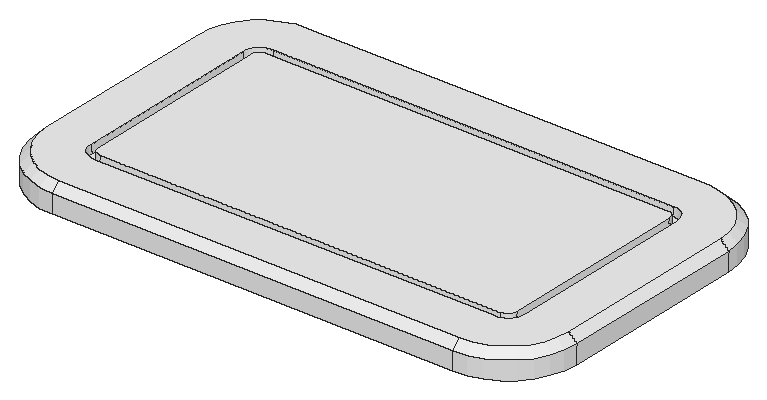
Revit family "ifö Sign Floorstanding WC 6860", category Generic Models, Revit 2015 (continued)
Automatic sketch dimensions
  Masking region 2 sketch curve to Masking region 2 sketch curve = 244.969 mm
  Masking region 2 sketch curve to Masking region 2 sketch curve = 4.061 mm
  Masking region 2 sketch curve to plane 1 "Center (Front/Back)" = 984.99 mm
  Masking region 2 sketch curve to plane 1 "Center (Front/Back)" = 1093.377 mm
  Masking region 2 sketch curve to level = 177.639 mm
  Masking region 2 sketch curve to Masking region 2 sketch curve = 576.433 mm
  Masking region 2 sketch curve to Masking region 2 sketch curve = 659.147 mm
  plane 5 "In" to Masking region 2 sketch curve = 143.264 mm
  Masking region 2 sketch curve to Masking region 2 sketch curve = 288.742 mm
  Masking region 2 sketch curve to plane 1 "Center (Front/Back)" = 2884.528 mm
  plane 5 "In" to Masking region 2 sketch curve = 95.212 mm
  Masking region 2 sketch curve to Masking region 2 sketch curve = 1394.64 mm
  Masking region 2 sketch curve to Masking region 2 sketch curve = 361.076 mm
  Masking region 2 sketch curve to level = 811.121 mm
  Masking region 2 sketch curve to Masking region 2 sketch curve = 57.393 mm
  Masking region 2 sketch curve to level = 981.916 mm
  Masking region 2 sketch curve to Masking region 2 sketch curve = 753.107 mm
  Masking region 2 sketch curve to Masking region 2 sketch curve = 1201.262 mm
  Masking region 2 sketch curve to Masking region 2 sketch curve = 7556.80 mm
  Masking region 2 sketch curve to Masking region 2 sketch curve = 6506.622 mm
  Masking region 2 sketch curve to Masking region 2 sketch curve = 3942.60 mm
  Masking region 2 sketch curve to Masking region 2 sketch curve = 25655.045 mm
  level to Masking region 2 sketch curve = 103.066 mm
  Masking region 2 sketch curve to Masking region 2 sketch curve = 19.613 mm
  Masking region 2 sketch curve to Masking region 2 sketch curve = 2.074 mm
  Masking region 2 sketch curve to Masking region 2 sketch curve = 10.786 mm
  Masking region 2 sketch curve to Masking region 2 sketch curve = 48.849 mm
  Masking region 2 sketch curve to Masking region 2 sketch curve = 35.466 mm
  Masking region 2 sketch curve to plane 5 "In" = 122.041 mm
  Masking region 2 sketch curve to plane 5 "In" = 45.316 mm
  Masking region 2 sketch curve to Masking region 2 sketch curve = 10.392 mm
  Masking region 2 sketch curve to plane 5 "In" = 31.761 mm
  Masking region 2 sketch curve to Masking region 2 sketch curve = 8.593 mm
  plane 5 "In" to Masking region 2 sketch curve = 15.352 mm
  Masking region 2 sketch curve to Masking region 2 sketch curve = 13.358 mm
  Masking region 2 sketch curve to Masking region 2 sketch curve = 25.637 mm
  Masking region 2 sketch curve to Masking region 2 sketch curve = 1.169 mm
  Masking region 2 sketch curve to Masking region 2 sketch curve = 3.423 mm
  Masking region 2 sketch curve to Masking region 2 sketch curve = 5.486 mm
  Masking region 2 sketch curve to Masking region 2 sketch curve = 2.193 mm
  Masking region 2 sketch curve to Masking region 2 sketch curve = 40.997 mm
  Masking region 2 sketch curve to Masking region 2 sketch curve = 2.563 mm
  Masking region 2 sketch curve to Masking region 2 sketch curve = 45.106 mm
  Masking region 2 sketch curve to Masking region 2 sketch curve = 2.413 mm  (x2)
  Masking region 2 sketch curve to Masking region 2 sketch curve = 0.173 mm
  Masking region 2 sketch curve to Masking region 2 sketch curve = 4.102 mm
  Masking region 2 sketch curve to Masking region 2 sketch curve = 0.50 mm
  Masking region 2 sketch curve to Masking region 2 sketch curve = 1.711 mm
  plane 5 "In" to Masking region 2 sketch curve = 68.566 mm
  Masking region 2 sketch curve to Masking region 2 sketch curve = 8.661 mm
  Masking region 2 sketch curve to Masking region 2 sketch curve = 4.685 mm
  Masking region 2 sketch curve to Masking region 2 sketch curve = 0.111 mm
  Masking region 2 sketch curve to Masking region 2 sketch curve = 6.208 mm
  Masking region 2 sketch curve to Masking region 2 sketch curve = 6.417 mm
  Masking region 2 sketch curve to Masking region 2 sketch curve = 3.664 mm
  Masking region 2 sketch curve to Masking region 2 sketch curve = 0.216 mm
  Masking region 2 sketch curve to Masking region 2 sketch curve = 0.805 mm  (x2)
  Masking region 2 sketch curve to Masking region 2 sketch curve = 24.707 mm
  Masking region 2 sketch curve to Masking region 2 sketch curve = 24.862 mm
  Masking region 2 sketch curve to Masking region 2 sketch curve = 7.646 mm
  Masking region 2 sketch curve to Masking region 2 sketch curve = 1.368 mm
  Masking region 2 sketch curve to Masking region 2 sketch curve = 2.223 mm
  Masking region 2 sketch curve to Masking region 2 sketch curve = 0.40 mm
  Masking region 2 sketch curve to Masking region 2 sketch curve = 0.933 mm
  Masking region 2 sketch curve to Masking region 2 sketch curve = 0.917 mm
  Masking region 2 sketch curve to Masking region 2 sketch curve = 4.09 mm
  Masking region 2 sketch curve to Masking region 2 sketch curve = 4.428 mm
  Masking region 2 sketch curve to Masking region 2 sketch curve = 0.409 mm
  Masking region 2 sketch curve to Masking region 2 sketch curve = 0.267 mm
  Masking region 2 sketch curve to Masking region 2 sketch curve = 0.218 mm
  Masking region 2 sketch curve to Masking region 2 sketch curve = 1.068 mm
  Masking region 2 sketch curve to Masking region 2 sketch curve = 1.498 mm
  Masking region 2 sketch curve to Masking region 2 sketch curve = 1.442 mm
  Masking region 2 sketch curve to Masking region 2 sketch curve = 28.145 mm
  Masking region 2 sketch curve to Masking region 2 sketch curve = 5.487 mm
  Masking region 2 sketch curve to Masking region 2 sketch curve = 11.137 mm
  Masking region 2 sketch curve to Masking region 2 sketch curve = 12.303 mm
  Masking region 2 sketch curve to Masking region 2 sketch curve = 2.989 mm
  Masking region 2 sketch curve to Masking region 2 sketch curve = 39.648 mm
  Masking region 2 sketch curve to Masking region 2 sketch curve = 12.717 mm
  Masking region 2 sketch curve to Masking region 2 sketch curve = 12.697 mm
  Masking region 2 sketch curve to Masking region 2 sketch curve = 4.31 mm
  Masking region 2 sketch curve to Masking region 2 sketch curve = 22.27 mm
  Masking region 2 sketch curve to Masking region 2 sketch curve = 19.003 mm
  Masking region 2 sketch curve to Masking region 2 sketch curve = 0.477 mm
  Masking region 2 sketch curve to Masking region 2 sketch curve = 2.765 mm
  Masking region 2 sketch curve to Masking region 2 sketch curve = 37.809 mm
  Masking region 2 sketch curve to Masking region 2 sketch curve = 75.83 mm
  Masking region 2 sketch curve to Masking region 2 sketch curve = 63.992 mm
  Masking region 2 sketch curve to Masking region 2 sketch curve = 10.351 mm
  Masking region 2 sketch curve to Masking region 2 sketch curve = 62.099 mm
  Masking region 2 sketch curve to Masking region 2 sketch curve = 28.779 mm
  Masking region 2 sketch curve to Masking region 2 sketch curve = 40.779 mm
  Masking region 2 sketch curve to Masking region 2 sketch curve = 9.68 mm
  Masking region 2 sketch curve to Masking region 2 sketch curve = 8.74 mm
  Masking region 2 sketch curve to Masking region 2 sketch curve = 51.449 mm
  Masking region 2 sketch curve to Masking region 2 sketch curve = 52.325 mm
  Masking region 2 sketch curve to Masking region 2 sketch curve = 57.325 mm
  Masking region 2 sketch curve to Masking region 2 sketch curve = 117.061 mm
  Masking region 2 sketch curve to Masking region 2 sketch curve = 10.884 mm
  Masking region 2 sketch curve to Masking region 2 sketch curve = 5.512 mm
  Masking region 2 sketch curve to Masking region 2 sketch curve = 29.743 mm
  Masking region 2 sketch curve to Masking region 2 sketch curve = 1.503 mm
  Masking region 2 sketch curve to Masking region 2 sketch curve = 7.653 mm  (x2)
  Masking region 2 sketch curve to Masking region 2 sketch curve = 131.499 mm
  Masking region 2 sketch curve to Masking region 2 sketch curve = 72.739 mm
  Masking region 2 sketch curve to Masking region 2 sketch curve = 17.64 mm
  Masking region 2 sketch curve to Masking region 2 sketch curve = 7.624 mm
  Masking region 2 sketch curve to Masking region 2 sketch curve = 11.169 mm
  Masking region 2 sketch curve to Masking region 2 sketch curve = 23.817 mm
  Masking region 2 sketch curve to Masking region 2 sketch curve = 2.392 mm
  Masking region 2 sketch curve to Masking region 2 sketch curve = 33.972 mm
  Masking region 2 sketch curve to Masking region 2 sketch curve = 1.759 mm
  Masking region 2 sketch curve to Masking region 2 sketch curve = 2.351 mm
  Masking region 2 sketch curve to Masking region 2 sketch curve = 11.729 mm
  Masking region 2 sketch curve to Masking region 2 sketch curve = 4.508 mm
  Masking region 2 sketch curve to Masking region 2 sketch curve = 20.486 mm
  Masking region 2 sketch curve to Masking region 2 sketch curve = 38.422 mm
  Masking region 2 sketch curve to Masking region 2 sketch curve = 2.749 mm
  Masking region 2 sketch curve to Masking region 2 sketch curve = 1.611 mm
  Masking region 2 sketch curve to Masking region 2 sketch curve = 1000.165 mm
  Masking region 2 sketch curve to Masking region 2 sketch curve = 2641.597 mm
  Masking region 2 sketch curve to Masking region 2 sketch curve = 633.015 mm
  Masking region 2 sketch curve to Masking region 2 sketch curve = 1501.186 mm
  Masking region 2 sketch curve to Masking region 2 sketch curve = 959.628 mm
  Masking region 2 sketch curve to Masking region 2 sketch curve = 3.587 mm
  Masking region 2 sketch curve to Masking region 2 sketch curve = 0.86 mm
  Masking region 2 sketch curve to Masking region 2 sketch curve = 2.098 mm
  Masking region 2 sketch curve to Masking region 2 sketch curve = 1.997 mm
  Masking region 2 sketch curve to Masking region 2 sketch curve = 4.381 mm
  Masking region 2 sketch curve to Masking region 2 sketch curve = 0.43 mm
  Masking region 2 sketch curve to Masking region 2 sketch curve = 0.333 mm
  Masking region 2 sketch curve to Masking region 2 sketch curve = 1.221 mm
  Masking region 2 sketch curve to Masking region 2 sketch curve = 6.808 mm
  Masking region 2 sketch curve to Masking region 2 sketch curve = 3.449 mm
  plane 5 "In" to Masking region 2 sketch curve = 9.055 mm
  Masking region 2 sketch curve to Masking region 2 sketch curve = 23.434 mm
  Masking region 2 sketch curve to Masking region 2 sketch curve = 16.655 mm
  Masking region 2 sketch curve to Masking region 2 sketch curve = 18.191 mm
  Masking region 2 sketch curve to Masking region 2 sketch curve = 12.246 mm
  Masking region 2 sketch curve to Masking region 2 sketch curve = 6.977 mm
  Masking region 2 sketch curve to Masking region 2 sketch curve = 15.905 mm
  Masking region 2 sketch curve to Masking region 2 sketch curve = 26.818 mm
  Masking region 2 sketch curve to Masking region 2 sketch curve = 63.649 mm
  Masking region 2 sketch curve to Masking region 2 sketch curve = 4.274 mm
  Masking region 2 sketch curve to Masking region 2 sketch curve = 26.971 mm
  Masking region 2 sketch curve to Masking region 2 sketch curve = 27.326 mm
  Masking region 2 sketch curve to Masking region 2 sketch curve = 11.515 mm
  Masking region 2 sketch curve to Masking region 2 sketch curve = 4.05 mm
  Masking region 2 sketch curve to Masking region 2 sketch curve = 5.646 mm
  Masking region 2 sketch curve to Masking region 2 sketch curve = 4.049 mm
  Masking region 2 sketch curve to Masking region 2 sketch curve = 15.137 mm
  Masking region 2 sketch curve to Masking region 2 sketch curve = 5.993 mm
  Masking region 2 sketch curve to Masking region 2 sketch curve = 1.361 mm
  Masking region 2 sketch curve to Masking region 2 sketch curve = 2.822 mm
  Masking region 2 sketch curve to Masking region 2 sketch curve = 3.231 mm
  Masking region 2 sketch curve to Masking region 2 sketch curve = 27.013 mm
  Masking region 2 sketch curve to Masking region 2 sketch curve = 1.786 mm
  Masking region 2 sketch curve to Masking region 2 sketch curve = 3.826 mm
  Masking region 2 sketch curve to Masking region 2 sketch curve = 1.632 mm
  Masking region 2 sketch curve to Masking region 2 sketch curve = 0.721 mm
  Masking region 2 sketch curve to Masking region 2 sketch curve = 4.765 mm
  Masking region 2 sketch curve to Masking region 2 sketch curve = 1.764 mm
  Masking region 2 sketch curve to Masking region 2 sketch curve = 5.455 mm
  Masking region 2 sketch curve to Masking region 2 sketch curve = 8.697 mm
  Masking region 2 sketch curve to Masking region 2 sketch curve = 0.38 mm
  Masking region 2 sketch curve to Masking region 2 sketch curve = 0.157 mm
  Masking region 2 sketch curve to Masking region 2 sketch curve = 18.465 mm
  Masking region 2 sketch curve to Masking region 2 sketch curve = 5.539 mm
  Masking region 2 sketch curve to Masking region 2 sketch curve = 2.454 mm
  Masking region 2 sketch curve to Masking region 2 sketch curve = 1.476 mm
  Masking region 2 sketch curve to Masking region 2 sketch curve = 4.303 mm
  Masking region 2 sketch curve to Masking region 2 sketch curve = 6.794 mm
  Masking region 2 sketch curve to Masking region 2 sketch curve = 4.548 mm
  Masking region 2 sketch curve to Masking region 2 sketch curve = 5.997 mm
  Masking region 2 sketch curve to Masking region 2 sketch curve = 8.905 mm
  Masking region 2 sketch curve to Masking region 2 sketch curve = 1.354 mm
  Masking region 2 sketch curve to Masking region 2 sketch curve = 3.535 mm
  Masking region 2 sketch curve to Masking region 2 sketch curve = 4.142 mm
  Masking region 2 sketch curve to Masking region 2 sketch curve = 6.218 mm
  Masking region 2 sketch curve to Masking region 2 sketch curve = 2.939 mm
  Masking region 2 sketch curve to Masking region 2 sketch curve = 7.146 mm
  Masking region 2 sketch curve to Masking region 2 sketch curve = 0.024 mm
  Masking region 2 sketch curve to Masking region 2 sketch curve = 1.628 mm
  Masking region 2 sketch curve to plane 5 "In" = 7.507 mm
  Masking region 2 sketch curve to Masking region 2 sketch curve = 3.356 mm
  Masking region 2 sketch curve to Masking region 2 sketch curve = 1.875 mm
  Masking region 2 sketch curve to plane 5 "In" = 0.632 mm
  plane 1 "Center (Front/Back)" to Masking region 2 sketch curve = 12.781 mm
  Masking region 2 sketch curve to Masking region 2 sketch curve = 0.78 mm
  plane 1 "Center (Front/Back)" to Masking region 2 sketch curve = 9.879 mm
  plane 1 "Center (Front/Back)" to Masking region 2 sketch curve = 3.903 mm
  plane 1 "Center (Front/Back)" to Masking region 2 sketch curve = 0.787 mm
  Masking region 3 sketch curve to Masking region 3 sketch curve = 0.00 mm  (x29)
  Masking region 3 sketch curve to level = 0.00 mm
  Masking region 3 sketch curve to plane 3 "Center (Left/Right)" = 0.00 mm
  level to Masking region 3 sketch curve = 27.785 mm  (x2)
  plane 5 "In" to Masking region 3 sketch curve = 12.598 mm  (x2)
  Masking region 3 sketch curve to Masking region 3 sketch curve = 0.162 mm  (x2)
  plane 5 "In" to Masking region 3 sketch curve = 29.621 mm  (x2)
  Masking region 3 sketch curve to Masking region 3 sketch curve = 27.091 mm  (x2)
  Masking region 3 sketch curve to Masking region 3 sketch curve = 1.717 mm  (x2)
  Masking region 3 sketch curve to Masking region 3 sketch curve = 11.436 mm  (x2)
  Masking region 3 sketch curve to Masking region 3 sketch curve = 0.351 mm  (x2)
  Masking region 3 sketch curve to Masking region 3 sketch curve = 11.981 mm  (x2)
  Masking region 3 sketch curve to Masking region 3 sketch curve = 0.494 mm  (x2)
  Masking region 3 sketch curve to Masking region 3 sketch curve = 3.196 mm  (x2)
  Masking region 3 sketch curve to Masking region 3 sketch curve = 1.431 mm  (x2)
  Masking region 3 sketch curve to Masking region 3 sketch curve = 4.194 mm  (x2)
  Masking region 3 sketch curve to Masking region 3 sketch curve = 1.633 mm  (x2)
  Masking region 3 sketch curve to Masking region 3 sketch curve = 0.141 mm  (x2)
  Masking region 3 sketch curve to plane 3 "Center (Left/Right)" = 19.426 mm
  Masking region 3 sketch curve to Masking region 3 sketch curve = 7.207 mm
  plane 3 "Center (Left/Right)" to Masking region 3 sketch curve = 19.426 mm
  Masking region 3 sketch curve to Masking region 3 sketch curve = 1.346 mm  (x2)
  Masking region 3 sketch curve to Masking region 3 sketch curve = 5.22 mm  (x2)
  Masking region 3 sketch curve to Masking region 3 sketch curve = 8.14 mm  (x2)
  Masking region 3 sketch curve to Masking region 3 sketch curve = 1.728 mm  (x2)
  Masking region 3 sketch curve to Masking region 3 sketch curve = 2.152 mm  (x2)
  Masking region 3 sketch curve to Masking region 3 sketch curve = 0.511 mm  (x2)
  Masking region 3 sketch curve to Masking region 3 sketch curve = 0.964 mm  (x2)
  Masking region 3 sketch curve to Masking region 3 sketch curve = 31.357 mm  (x2)
  Masking region 3 sketch curve to Masking region 3 sketch curve = 43.014 mm  (x2)
  Masking region 3 sketch curve to Masking region 3 sketch curve = 2.086 mm  (x2)
  plane 5 "In" to Masking region 3 sketch curve = 151.513 mm  (x2)
  Masking region 3 sketch curve to Masking region 3 sketch curve = 52.25 mm  (x2)
  Masking region 3 sketch curve to plane 3 "Center (Left/Right)" = 40.972 mm
  Masking region 3 sketch curve to Masking region 3 sketch curve = 142.685 mm
  plane 3 "Center (Left/Right)" to Masking region 3 sketch curve = 40.972 mm
  Masking region 3 sketch curve to Masking region 3 sketch curve = 54.78 mm  (x2)
  plane 5 "In" to Masking region 3 sketch curve = 276.677 mm  (x2)
  Masking region 3 sketch curve to Masking region 3 sketch curve = 44.245 mm  (x2)
  Masking region 3 sketch curve to Masking region 3 sketch curve = 81.888 mm  (x2)
  Masking region 3 sketch curve to Masking region 3 sketch curve = 26.471 mm  (x2)
  Masking region 3 sketch curve to Masking region 3 sketch curve = 57.937 mm  (x2)
  Masking region 3 sketch curve to Masking region 3 sketch curve = 14.897 mm  (x2)
  Masking region 3 sketch curve to Masking region 3 sketch curve = 19.129 mm  (x2)
  Masking region 3 sketch curve to Masking region 3 sketch curve = 48.297 mm  (x2)
  Masking region 3 sketch curve to Masking region 3 sketch curve = 72.139 mm  (x2)
  plane 3 "Center (Left/Right)" to Masking region 3 sketch curve = 41.00 mm
  Masking region 3 sketch curve to Masking region 3 sketch curve = 1.837 mm  (x2)
  Masking region 3 sketch curve to plane 3 "Center (Left/Right)" = 41.00 mm
  Masking region 3 sketch curve to Masking region 3 sketch curve = 1.251 mm  (x3)
  Masking region 3 sketch curve to Masking region 3 sketch curve = 54.15 mm  (x2)
  Masking region 3 sketch curve to Masking region 3 sketch curve = 430.009 mm  (x2)
  Masking region 3 sketch curve to plane 3 "Center (Left/Right)" = 0.538 mm
  Masking region 3 sketch curve to Masking region 3 sketch curve = 6315.34 mm
  plane 3 "Center (Left/Right)" to Masking region 3 sketch curve = 0.538 mm
  Masking region 3 sketch curve to level = 0.95 mm  (x2)
  Masking region 3 sketch curve to level = 21.589 mm  (x2)
  Masking region 3 sketch curve to level = 68.796 mm  (x2)
  Masking region 3 sketch curve to level = 180.886 mm  (x2)
  Masking region 3 sketch curve to Masking region 3 sketch curve = 60.934 mm  (x2)
  Masking region 3 sketch curve to level = 474.417 mm
  Masking region 3 sketch curve to level = 573.338 mm  (x2)
  Masking region 3 sketch curve to plane 3 "Center (Left/Right)" = 41.551 mm
  Masking region 3 sketch curve to plane 3 "Center (Left/Right)" = 49.806 mm
  Masking region 3 sketch curve to plane 3 "Center (Left/Right)" = 50.175 mm
  Masking region 3 sketch curve to Masking region 3 sketch curve = 47.716 mm  (x2)
  Masking region 3 sketch curve to Masking region 3 sketch curve = 30.61 mm  (x2)
  Masking region 3 sketch curve to Masking region 3 sketch curve = 59.494 mm  (x2)
  Masking region 3 sketch curve to Masking region 3 sketch curve = 66.99 mm  (x2)
  Masking region 3 sketch curve to Masking region 3 sketch curve = 51.044 mm  (x2)
  Masking region 3 sketch curve to Masking region 3 sketch curve = 37.995 mm  (x2)
  Masking region 3 sketch curve to Masking region 3 sketch curve = 15.027 mm  (x2)
  Masking region 3 sketch curve to Masking region 3 sketch curve = 27.772 mm  (x2)
  Masking region 3 sketch curve to Masking region 3 sketch curve = 7.953 mm  (x2)
  Masking region 3 sketch curve to Masking region 3 sketch curve = 9.15 mm  (x2)
  Masking region 3 sketch curve to Masking region 3 sketch curve = 1.773 mm  (x2)
  Masking region 3 sketch curve to Masking region 3 sketch curve = 3.739 mm  (x2)
  Masking region 3 sketch curve to Masking region 3 sketch curve = 10.397 mm  (x2)
  Masking region 3 sketch curve to Masking region 3 sketch curve = 6.789 mm  (x2)
  Masking region 3 sketch curve to Masking region 3 sketch curve = 3.095 mm  (x2)
  Masking region 3 sketch curve to Masking region 3 sketch curve = 13.93 mm  (x2)
  Masking region 3 sketch curve to Masking region 3 sketch curve = 4.113 mm  (x2)
  Masking region 3 sketch curve to Masking region 3 sketch curve = 0.278 mm  (x2)
  Masking region 3 sketch curve to Masking region 3 sketch curve = 1.325 mm  (x2)
  Masking region 3 sketch curve to Masking region 3 sketch curve = 1.972 mm  (x2)
  Masking region 3 sketch curve to Masking region 3 sketch curve = 0.378 mm  (x2)
  Masking region 3 sketch curve to Masking region 3 sketch curve = 0.673 mm  (x2)
  Masking region 3 sketch curve to Masking region 3 sketch curve = 0.022 mm  (x2)
  Masking region 3 sketch curve to Masking region 3 sketch curve = 74.295 mm  (x2)
  Masking region 3 sketch curve to Masking region 3 sketch curve = 6.766 mm  (x2)
  Masking region 3 sketch curve to Masking region 3 sketch curve = 5.979 mm  (x2)
  Masking region 3 sketch curve to Masking region 3 sketch curve = 4.418 mm  (x2)
  Masking region 3 sketch curve to Masking region 3 sketch curve = 4.397 mm  (x2)
  Masking region 3 sketch curve to Masking region 3 sketch curve = 63.899 mm  (x2)
  Masking region 3 sketch curve to Masking region 3 sketch curve = 183.515 mm  (x2)
  Masking region 3 sketch curve to Masking region 3 sketch curve = 10.873 mm  (x2)
  Masking region 3 sketch curve to Masking region 3 sketch curve = 119.159 mm  (x2)
  Masking region 3 sketch curve to Masking region 3 sketch curve = 283.397 mm  (x2)
  Masking region 3 sketch curve to Masking region 3 sketch curve = 346.359 mm  (x2)
  Masking region 3 sketch curve to Masking region 3 sketch curve = 39.605 mm  (x2)
  Masking region 3 sketch curve to Masking region 3 sketch curve = 488.73 mm  (x2)
  Masking region 3 sketch curve to Masking region 3 sketch curve = 151.851 mm  (x2)
  Masking region 3 sketch curve to Masking region 3 sketch curve = 702.28 mm  (x2)
  Masking region 3 sketch curve to Masking region 3 sketch curve = 8.459 mm  (x2)
  Masking region 3 sketch curve to Masking region 3 sketch curve = 1427.254 mm  (x2)
  Masking region 3 sketch curve to Masking region 3 sketch curve = 114.521 mm  (x2)
  Masking region 3 sketch curve to plane 3 "Center (Left/Right)" = 17.622 mm
  plane 3 "Center (Left/Right)" to Masking region 3 sketch curve = 17.622 mm
  Masking region 3 sketch curve to Masking region 3 sketch curve = 23.928 mm
  plane 3 "Center (Left/Right)" to Masking region 3 sketch curve = 49.806 mm
  plane 3 "Center (Left/Right)" to Masking region 3 sketch curve = 50.175 mm
  level to Masking region 3 sketch curve = 5.983 mm  (x2)
  Masking region 3 sketch curve to Masking region 3 sketch curve = 5.964 mm  (x2)
  Masking region 3 sketch curve to Masking region 3 sketch curve = 11.89 mm  (x2)
  Masking region 3 sketch curve to Masking region 3 sketch curve = 23.749 mm  (x2)
  Masking region 3 sketch curve to Masking region 3 sketch curve = 34.15 mm  (x2)
  Masking region 3 sketch curve to Masking region 3 sketch curve = 33.983 mm  (x2)
  Masking region 3 sketch curve to Masking region 3 sketch curve = 67.80 mm  (x2)
  Masking region 3 sketch curve to Masking region 3 sketch curve = 44.893 mm  (x2)
  Masking region 3 sketch curve to Masking region 3 sketch curve = 24.769 mm  (x2)
  Masking region 3 sketch curve to Masking region 3 sketch curve = 8.702 mm  (x2)
  Masking region 3 sketch curve to Masking region 3 sketch curve = 10.162 mm  (x2)
  Masking region 3 sketch curve to Masking region 3 sketch curve = 5.055 mm  (x2)
  Masking region 3 sketch curve to Masking region 3 sketch curve = 1.605 mm  (x2)
  Masking region 3 sketch curve to Masking region 3 sketch curve = 1.62 mm  (x2)
  Masking region 3 sketch curve to Masking region 3 sketch curve = 1.118 mm  (x2)
  Masking region 3 sketch curve to Masking region 3 sketch curve = 0.653 mm  (x2)
  Masking region 3 sketch curve to Masking region 3 sketch curve = 1.775 mm  (x2)
  Masking region 3 sketch curve to Masking region 3 sketch curve = 90.554 mm  (x2)
  Masking region 3 sketch curve to Masking region 3 sketch curve = 32.954 mm  (x2)
  Masking region 3 sketch curve to Masking region 3 sketch curve = 30.431 mm  (x2)
  Masking region 3 sketch curve to Masking region 3 sketch curve = 31.609 mm  (x2)
  Masking region 3 sketch curve to Masking region 3 sketch curve = 19.08 mm  (x2)
  Masking region 3 sketch curve to Masking region 3 sketch curve = 5.025 mm  (x2)
  Masking region 3 sketch curve to Masking region 3 sketch curve = 8.153 mm  (x2)
  Masking region 3 sketch curve to Masking region 3 sketch curve = 2.892 mm  (x2)
  curve 30 to curve 43 = 0.00 mm  (x2)
  curve 32 to curve 41 = 0.00 mm  (x2)
  curve 170 to curve 178 = 0.00 mm  (x2)
  curve 172 to curve 176 = 0.00 mm  (x2)
  curve 171 to plane 3 "Center (Left/Right)" = 39.649 mm
  curve 172 to curve 174 = 6.649 mm
  curve 174 to curve 177 = 1.10 mm
  curve 176 to curve 38 = 1.40 mm
  curve 178 to curve 34 = 1.40 mm
  curve 38 to curve 33 = 0.10 mm
  curve 173 to curve 178 = 0.10 mm
  curve 44 to plane 3 "Center (Left/Right)" = 17.999 mm
  plane 3 "Center (Left/Right)" to curve 45 = 17.999 mm
  curve 45 to curve 33 = 12.401 mm
  curve 45 to curve 43 = 12.401 mm
  curve 39 to curve 34 = 0.10 mm
  curve 41 to curve 38 = 0.10 mm
  curve 37 to curve 42 = 1.40 mm
  curve 43 to curve 36 = 1.10 mm
  plane 1 "Center (Front/Back)" to curve 29 = 134.902 mm
  curve 34 to curve 39 = 1.10 mm
  curve 170 to curve 44 = 14.501 mm
  curve 30 to curve 45 = 14.501 mm
  curve 45 to curve 31 = 14.299 mm
  curve 176 to curve 175 = 0.10 mm
  curve 46 to curve 44 = 12.30 mm
  curve 46 to curve 44 = 0.00 mm
  plane 3 "Center (Left/Right)" to Sweep 1 sketch curve = 30.40 mm
  plane 1 "Center (Front/Back)" to Sweep 1 sketch curve = 128.253 mm
  Sweep 1 sketch curve to Sweep 1 sketch curve = 2.60 mm  (x3)
  Sweep 1 sketch curve to Sweep 1 sketch curve = 28.80 mm  (x2)
  Sweep 1 sketch curve to plane 3 "Center (Left/Right)" = 30.40 mm
  Sweep 1 sketch curve to profile plane = 0.00 mm  (x2)
  profile plane to Sweep 1 sketch curve = 0.10 mm
  Sweep 1 sketch curve to Sweep 1 sketch curve = 1.00 mm
  Sweep 1 sketch curve to Sweep 1 sketch curve = 1.20 mm
  Sweep 1 sketch curve to Sweep 1 sketch curve = 0.995 mm
  Sweep 1 sketch curve to profile plane = 6.649 mm
  profile plane to Sweep 1 sketch curve = 2.749 mm  (x2)
  Sweep 1 sketch curve to Sweep 1 sketch curve = 1.251 mm  (x3)
  Extrusion 2 sketch curve to plane 3 "Center (Left/Right)" = 30.805 mm
  plane 1 "Center (Front/Back)" to Extrusion 2 sketch curve = 126.057 mm
  Extrusion 2 sketch curve to Extrusion 2 sketch curve = 29.609 mm
  plane 3 "Center (Left/Right)" to Extrusion 2 sketch curve = 30.805 mm
  Masking region 4 sketch curve to Masking region 4 sketch curve = 0.00 mm  (x44)
  Masking region 4 sketch curve to plane 3 "Center (Left/Right)" = 0.00 mm  (x2)
  Masking region 4 sketch curve to plane 3 "Center (Left/Right)" = 1.728 mm
  Masking region 4 sketch curve to plane 3 "Center (Left/Right)" = 3.495 mm
  Masking region 4 sketch curve to plane 3 "Center (Left/Right)" = 9.117 mm
  Masking region 4 sketch curve to plane 3 "Center (Left/Right)" = 11.971 mm
  Masking region 4 sketch curve to Masking region 4 sketch curve = 13.665 mm  (x2)
  Masking region 4 sketch curve to plane 3 "Center (Left/Right)" = 19.283 mm
  Masking region 4 sketch curve to plane 3 "Center (Left/Right)" = 32.82 mm
  Masking region 4 sketch curve to plane 3 "Center (Left/Right)" = 40.311 mm
  Masking region 4 sketch curve to plane 3 "Center (Left/Right)" = 41.567 mm
  Masking region 4 sketch curve to Masking region 4 sketch curve = 9.448 mm  (x2)
  Masking region 4 sketch curve to Masking region 4 sketch curve = 6.824 mm  (x2)
  Masking region 4 sketch curve to Masking region 4 sketch curve = 10.624 mm  (x2)
  Masking region 4 sketch curve to Masking region 4 sketch curve = 5.544 mm  (x2)
  Masking region 4 sketch curve to Masking region 4 sketch curve = 18.826 mm  (x2)
  Masking region 4 sketch curve to Masking region 4 sketch curve = 15.884 mm  (x2)
  Masking region 4 sketch curve to Masking region 4 sketch curve = 6.06 mm  (x2)
  Masking region 4 sketch curve to Masking region 4 sketch curve = 14.864 mm  (x2)
  Masking region 4 sketch curve to Masking region 4 sketch curve = 57.959 mm  (x2)
  Masking region 4 sketch curve to Masking region 4 sketch curve = 7.844 mm  (x2)
  Masking region 4 sketch curve to Masking region 4 sketch curve = 176.445 mm  (x2)
  Masking region 4 sketch curve to Masking region 4 sketch curve = 39.822 mm  (x2)
  Masking region 4 sketch curve to Masking region 4 sketch curve = 173.586 mm  (x2)
  Masking region 4 sketch curve to Masking region 4 sketch curve = 120.491 mm  (x2)
  Masking region 4 sketch curve to Masking region 4 sketch curve = 56.556 mm  (x2)
  Masking region 4 sketch curve to Masking region 4 sketch curve = 29.473 mm  (x2)
  Masking region 4 sketch curve to Masking region 4 sketch curve = 34.087 mm  (x2)
  Masking region 4 sketch curve to Masking region 4 sketch curve = 35.315 mm  (x2)
  Masking region 4 sketch curve to Masking region 4 sketch curve = 156.262 mm  (x2)
  plane 1 "Center (Front/Back)" to Masking region 4 sketch curve = 280.016 mm  (x2)
  Masking region 4 sketch curve to Masking region 4 sketch curve = 757.443 mm  (x2)
  plane 3 "Center (Left/Right)" to Masking region 4 sketch curve = 1.728 mm
  plane 3 "Center (Left/Right)" to Masking region 4 sketch curve = 3.495 mm
  plane 3 "Center (Left/Right)" to Masking region 4 sketch curve = 9.117 mm
  plane 3 "Center (Left/Right)" to Masking region 4 sketch curve = 11.971 mm
  plane 3 "Center (Left/Right)" to Masking region 4 sketch curve = 19.283 mm
  plane 3 "Center (Left/Right)" to Masking region 4 sketch curve = 32.82 mm
  plane 3 "Center (Left/Right)" to Masking region 4 sketch curve = 40.311 mm
  plane 3 "Center (Left/Right)" to Masking region 4 sketch curve = 41.567 mm
  plane 1 "Center (Front/Back)" to Masking region 4 sketch curve = 294.175 mm  (x2)
  Masking region 4 sketch curve to Masking region 4 sketch curve = 1.906 mm  (x2)
  Masking region 4 sketch curve to Masking region 4 sketch curve = 16.026 mm  (x2)
  Masking region 4 sketch curve to Masking region 4 sketch curve = 30.119 mm  (x2)
  Masking region 4 sketch curve to Masking region 4 sketch curve = 0.122 mm  (x2)
  Masking region 4 sketch curve to Masking region 4 sketch curve = 31.221 mm  (x2)
  Masking region 4 sketch curve to Masking region 4 sketch curve = 27.614 mm  (x2)
  Masking region 4 sketch curve to Masking region 4 sketch curve = 32.646 mm
  Masking region 4 sketch curve to Masking region 4 sketch curve = 48.438 mm  (x2)
  Masking region 4 sketch curve to Masking region 4 sketch curve = 22.312 mm  (x2)
  Masking region 4 sketch curve to Masking region 4 sketch curve = 27.246 mm
  Masking region 4 sketch curve to Masking region 4 sketch curve = 1.072 mm
  Masking region 4 sketch curve to Masking region 4 sketch curve = 20.418 mm
  Masking region 4 sketch curve to Masking region 4 sketch curve = 0.582 mm  (x2)
  Masking region 4 sketch curve to Masking region 4 sketch curve = 283.798 mm
  Masking region 4 sketch curve to Masking region 4 sketch curve = 45.072 mm  (x2)
  Masking region 4 sketch curve to Masking region 4 sketch curve = 61.35 mm  (x2)
  plane 1 "Center (Front/Back)" to Masking region 4 sketch curve = 171.088 mm  (x2)
  Masking region 4 sketch curve to Masking region 4 sketch curve = 5.203 mm
  Masking region 4 sketch curve to Masking region 4 sketch curve = 8.601 mm  (x2)
  Masking region 4 sketch curve to Masking region 4 sketch curve = 19.23 mm  (x2)
  Masking region 4 sketch curve to Masking region 4 sketch curve = 26.608 mm
  Masking region 4 sketch curve to Masking region 4 sketch curve = 21.129 mm  (x2)
  Masking region 4 sketch curve to Masking region 4 sketch curve = 7.194 mm  (x2)
  Masking region 4 sketch curve to Masking region 4 sketch curve = 3.136 mm  (x2)
  Masking region 4 sketch curve to Masking region 4 sketch curve = 15.275 mm  (x2)
  Masking region 4 sketch curve to Masking region 4 sketch curve = 24.20 mm  (x2)
  Masking region 4 sketch curve to Masking region 4 sketch curve = 23.623 mm
  plane 1 "Center (Front/Back)" to Masking region 4 sketch curve = 43.456 mm  (x2)
  Masking region 4 sketch curve to Masking region 4 sketch curve = 9.495 mm  (x2)
  plane 1 "Center (Front/Back)" to Masking region 4 sketch curve = 0.071 mm
  plane 1 "Center (Front/Back)" to Masking region 4 sketch curve = 0.351 mm  (x2)
  Masking region 4 sketch curve to plane 3 "Center (Left/Right)" = 22.832 mm
  plane 1 "Center (Front/Back)" to Masking region 4 sketch curve = 1.596 mm  (x2)
  plane 1 "Center (Front/Back)" to Masking region 4 sketch curve = 3.176 mm  (x2)
  plane 1 "Center (Front/Back)" to Masking region 4 sketch curve = 6.513 mm  (x2)
  Masking region 4 sketch curve to Masking region 4 sketch curve = 28.386 mm  (x2)
  plane 1 "Center (Front/Back)" to Masking region 4 sketch curve = 8.139 mm  (x2)
  Masking region 4 sketch curve to Masking region 4 sketch curve = 7.917 mm  (x2)
  Masking region 4 sketch curve to Masking region 4 sketch curve = 7.547 mm  (x2)
  Masking region 4 sketch curve to Masking region 4 sketch curve = 6.267 mm  (x2)
  Masking region 4 sketch curve to Masking region 4 sketch curve = 39.834 mm  (x2)
  Masking region 4 sketch curve to Masking region 4 sketch curve = 39.943 mm  (x2)
  Masking region 4 sketch curve to Masking region 4 sketch curve = 2.435 mm  (x2)
  Masking region 4 sketch curve to Masking region 4 sketch curve = 1.009 mm  (x2)
  Masking region 5 sketch curve to Masking region 5 sketch curve = 0.00 mm  (x50)
  Masking region 5 sketch curve to level = 0.00 mm
  plane 5 "In" to Masking region 5 sketch curve = 156.979 mm
  plane 1 "Center (Front/Back)" to Masking region 5 sketch curve = 3976.843 mm
  plane 5 "In" to Masking region 5 sketch curve = 212.787 mm
  Masking region 5 sketch curve to Masking region 5 sketch curve = 1146.977 mm
  Masking region 5 sketch curve to level = 92.113 mm
  Masking region 5 sketch curve to Masking region 5 sketch curve = 116.396 mm
  Masking region 5 sketch curve to level = 70.164 mm
  Masking region 5 sketch curve to Masking region 5 sketch curve = 248.565 mm
  plane 5 "In" to Masking region 5 sketch curve = 201.824 mm
  Masking region 5 sketch curve to Masking region 5 sketch curve = 418.938 mm
  Masking region 5 sketch curve to level = 40.123 mm
  Masking region 5 sketch curve to Masking region 5 sketch curve = 201.039 mm
  Masking region 5 sketch curve to plane 5 "In" = 127.566 mm
  Masking region 5 sketch curve to Masking region 5 sketch curve = 15.386 mm
  level to Masking region 5 sketch curve = 10.674 mm
  Masking region 5 sketch curve to Masking region 5 sketch curve = 680.38 mm
  plane 5 "In" to Masking region 5 sketch curve = 308.883 mm
  plane 1 "Center (Front/Back)" to Masking region 5 sketch curve = 874.815 mm
  level to Masking region 5 sketch curve = 6.924 mm
  Masking region 5 sketch curve to Masking region 5 sketch curve = 93.399 mm
  Masking region 5 sketch curve to Masking region 5 sketch curve = 104.515 mm
  plane 5 "In" to Masking region 5 sketch curve = 56.008 mm
  Masking region 5 sketch curve to Masking region 5 sketch curve = 113.341 mm
  Masking region 5 sketch curve to Masking region 5 sketch curve = 1.593 mm
  level to Masking region 5 sketch curve = 48.894 mm
  Masking region 5 sketch curve to Masking region 5 sketch curve = 127.738 mm
  Masking region 5 sketch curve to Masking region 5 sketch curve = 4.659 mm
  Masking region 5 sketch curve to Masking region 5 sketch curve = 13.104 mm
  Masking region 5 sketch curve to Masking region 5 sketch curve = 144.422 mm
  plane 1 "Center (Front/Back)" to Masking region 5 sketch curve = 625.542 mm
  Masking region 5 sketch curve to Masking region 5 sketch curve = 13.834 mm
  plane 1 "Center (Front/Back)" to Masking region 5 sketch curve = 605.361 mm
  Masking region 5 sketch curve to Masking region 5 sketch curve = 76.33 mm
  level to Masking region 5 sketch curve = 10.425 mm
  Masking region 5 sketch curve to Masking region 5 sketch curve = 92.703 mm
  plane 1 "Center (Front/Back)" to Masking region 5 sketch curve = 550.749 mm
  Masking region 5 sketch curve to Masking region 5 sketch curve = 36.659 mm
  Masking region 5 sketch curve to Masking region 5 sketch curve = 50.046 mm
  level to Masking region 5 sketch curve = 143.163 mm
  Masking region 5 sketch curve to Masking region 5 sketch curve = 33.128 mm
  level to Masking region 5 sketch curve = 135.072 mm
  Masking region 5 sketch curve to Masking region 5 sketch curve = 0.891 mm
  plane 1 "Center (Front/Back)" to Masking region 5 sketch curve = 392.863 mm
  Masking region 5 sketch curve to Masking region 5 sketch curve = 109.784 mm
  plane 1 "Center (Front/Back)" to Masking region 5 sketch curve = 371.33 mm
  plane 5 "In" to Masking region 5 sketch curve = 125.259 mm
  Masking region 5 sketch curve to Masking region 5 sketch curve = 44.127 mm
  Masking region 5 sketch curve to Masking region 5 sketch curve = 61.934 mm
  Masking region 5 sketch curve to Masking region 5 sketch curve = 25.756 mm
  Masking region 5 sketch curve to Masking region 5 sketch curve = 84.262 mm
  Masking region 5 sketch curve to Masking region 5 sketch curve = 0.355 mm
  plane 5 "In" to Masking region 5 sketch curve = 13.498 mm
  Masking region 5 sketch curve to Masking region 5 sketch curve = 49.253 mm
  plane 1 "Center (Front/Back)" to Masking region 5 sketch curve = 252.703 mm
  Masking region 5 sketch curve to Masking region 5 sketch curve = 84.863 mm
  plane 1 "Center (Front/Back)" to Masking region 5 sketch curve = 250.044 mm
  Masking region 5 sketch curve to Masking region 5 sketch curve = 9.267 mm
  Masking region 5 sketch curve to Masking region 5 sketch curve = 11.254 mm
  Masking region 5 sketch curve to Masking region 5 sketch curve = 7.141 mm
  Masking region 5 sketch curve to Masking region 5 sketch curve = 20.887 mm
  Masking region 5 sketch curve to Masking region 5 sketch curve = 2.769 mm
  Masking region 5 sketch curve to Masking region 5 sketch curve = 38.194 mm
  Masking region 5 sketch curve to Masking region 5 sketch curve = 7.333 mm
  Masking region 5 sketch curve to Masking region 5 sketch curve = 75.962 mm
  level to Masking region 5 sketch curve = 4.535 mm
  Masking region 5 sketch curve to Masking region 5 sketch curve = 78.458 mm
  Masking region 5 sketch curve to Masking region 5 sketch curve = 23.194 mm
  Masking region 5 sketch curve to Masking region 5 sketch curve = 1.804 mm
  Masking region 5 sketch curve to Masking region 5 sketch curve = 2.331 mm
  Masking region 5 sketch curve to Masking region 5 sketch curve = 2.667 mm
  Masking region 5 sketch curve to Masking region 5 sketch curve = 0.788 mm
  Masking region 5 sketch curve to Masking region 5 sketch curve = 2.616 mm
  Masking region 5 sketch curve to Masking region 5 sketch curve = 9.362 mm
  Masking region 5 sketch curve to Masking region 5 sketch curve = 9.49 mm
  Masking region 5 sketch curve to Masking region 5 sketch curve = 59.215 mm
  plane 5 "In" to Masking region 5 sketch curve = 15.037 mm
  Masking region 5 sketch curve to Masking region 5 sketch curve = 5.141 mm
  Masking region 5 sketch curve to Masking region 5 sketch curve = 12.779 mm
  Masking region 5 sketch curve to Masking region 5 sketch curve = 36.911 mm
  Masking region 5 sketch curve to Masking region 5 sketch curve = 29.393 mm
  Masking region 5 sketch curve to Masking region 5 sketch curve = 1.149 mm
  Masking region 5 sketch curve to Masking region 5 sketch curve = 2.067 mm
  Masking region 5 sketch curve to plane 5 "In" = 12.363 mm
  Masking region 5 sketch curve to Masking region 5 sketch curve = 28.966 mm
  Masking region 5 sketch curve to Masking region 5 sketch curve = 1.639 mm
  Masking region 5 sketch curve to Masking region 5 sketch curve = 4.204 mm
  plane 5 "In" to Masking region 5 sketch curve = 3.228 mm
  Masking region 5 sketch curve to Masking region 5 sketch curve = 0.901 mm
  Masking region 5 sketch curve to Masking region 5 sketch curve = 7.618 mm
  Masking region 5 sketch curve to Masking region 5 sketch curve = 0.472 mm
  Masking region 5 sketch curve to Masking region 5 sketch curve = 13.53 mm
  Masking region 5 sketch curve to Masking region 5 sketch curve = 1.251 mm  (x3)
  Masking region 5 sketch curve to Masking region 5 sketch curve = 16.998 mm
  Masking region 5 sketch curve to Masking region 5 sketch curve = 28.545 mm
  Masking region 5 sketch curve to Masking region 5 sketch curve = 21.145 mm
  Masking region 5 sketch curve to Masking region 5 sketch curve = 0.94 mm
  Masking region 5 sketch curve to Masking region 5 sketch curve = 13.78 mm
  Masking region 5 sketch curve to Masking region 5 sketch curve = 26.584 mm
  Masking region 5 sketch curve to Masking region 5 sketch curve = 11.38 mm
  Masking region 5 sketch curve to Masking region 5 sketch curve = 47.499 mm
  plane 1 "Center (Front/Back)" to Masking region 5 sketch curve = 82.337 mm
  Masking region 5 sketch curve to Masking region 5 sketch curve = 49.258 mm
  plane 1 "Center (Front/Back)" to Masking region 5 sketch curve = 42.838 mm
  plane 1 "Center (Front/Back)" to Masking region 5 sketch curve = 37.477 mm
  Masking region 5 sketch curve to Masking region 5 sketch curve = 0.444 mm  (x2)
  Masking region 5 sketch curve to Masking region 5 sketch curve = 7.162 mm
  plane 1 "Center (Front/Back)" to Masking region 5 sketch curve = 29.463 mm
  Masking region 5 sketch curve to Masking region 5 sketch curve = 0.471 mm
  Masking region 5 sketch curve to Masking region 5 sketch curve = 5.944 mm
  plane 1 "Center (Front/Back)" to Masking region 5 sketch curve = 22.648 mm
  Masking region 5 sketch curve to Masking region 5 sketch curve = 5.688 mm
  plane 1 "Center (Front/Back)" to Masking region 5 sketch curve = 17.464 mm
  Masking region 5 sketch curve to Masking region 5 sketch curve = 1.173 mm
  Masking region 5 sketch curve to Masking region 5 sketch curve = 1.427 mm
  Masking region 5 sketch curve to Masking region 5 sketch curve = 0.945 mm
  Masking region 5 sketch curve to Masking region 5 sketch curve = 3.311 mm
  Masking region 5 sketch curve to Masking region 5 sketch curve = 0.361 mm
  Masking region 5 sketch curve to Masking region 5 sketch curve = 4.523 mm
  Masking region 5 sketch curve to Masking region 5 sketch curve = 4.227 mm
  Masking region 5 sketch curve to plane 1 "Center (Front/Back)" = 0.034 mm
  Masking region 5 sketch curve to plane 5 "In" = 22.592 mm
  Masking region 5 sketch curve to plane 1 "Center (Front/Back)" = 33.584 mm
  Masking region 5 sketch curve to plane 1 "Center (Front/Back)" = 61.36 mm
  Masking region 5 sketch curve to Masking region 5 sketch curve = 46.429 mm
  plane 5 "In" to Masking region 5 sketch curve = 30.588 mm
  Masking region 5 sketch curve to Masking region 5 sketch curve = 87.413 mm
  Masking region 5 sketch curve to Masking region 5 sketch curve = 14.30 mm
  plane 5 "In" to Masking region 5 sketch curve = 12.636 mm
  Masking region 5 sketch curve to Masking region 5 sketch curve = 304.048 mm
  Masking region 5 sketch curve to Masking region 5 sketch curve = 304.285 mm
  Masking region 5 sketch curve to plane 5 "In" = 107.569 mm
  Masking region 5 sketch curve to Masking region 5 sketch curve = 134.211 mm
  plane 5 "In" to Masking region 5 sketch curve = 215.00 mm
  Masking region 5 sketch curve to Masking region 5 sketch curve = 244.969 mm
  Masking region 5 sketch curve to Masking region 5 sketch curve = 4.061 mm
  Masking region 5 sketch curve to level = 177.639 mm
  Masking region 5 sketch curve to Masking region 5 sketch curve = 576.433 mm
  Masking region 5 sketch curve to Masking region 5 sketch curve = 659.147 mm
  plane 5 "In" to Masking region 5 sketch curve = 143.264 mm
  Masking region 5 sketch curve to Masking region 5 sketch curve = 288.742 mm
  Masking region 5 sketch curve to plane 1 "Center (Front/Back)" = 2884.528 mm
  plane 5 "In" to Masking region 5 sketch curve = 95.212 mm
  Masking region 5 sketch curve to Masking region 5 sketch curve = 1394.64 mm
  Masking region 5 sketch curve to Masking region 5 sketch curve = 361.076 mm
  Masking region 5 sketch curve to level = 279.514 mm
  Masking region 5 sketch curve to Masking region 5 sketch curve = 531.606 mm
  Masking region 5 sketch curve to level = 981.916 mm
  Masking region 5 sketch curve to Masking region 5 sketch curve = 810.50 mm
  Masking region 5 sketch curve to Masking region 5 sketch curve = 429.01 mm
  Masking region 5 sketch curve to Masking region 5 sketch curve = 301.493 mm
  level to Masking region 5 sketch curve = 122.679 mm
  Masking region 5 sketch curve to Masking region 5 sketch curve = 2.074 mm
  Masking region 5 sketch curve to Masking region 5 sketch curve = 10.786 mm
  Masking region 5 sketch curve to Masking region 5 sketch curve = 18.449 mm
  Masking region 5 sketch curve to plane 5 "In" = 122.041 mm
  Masking region 5 sketch curve to plane 5 "In" = 45.316 mm
  Masking region 5 sketch curve to Masking region 5 sketch curve = 10.392 mm
  Masking region 5 sketch curve to plane 5 "In" = 31.761 mm
  Masking region 5 sketch curve to Masking region 5 sketch curve = 8.593 mm
  plane 5 "In" to Masking region 5 sketch curve = 15.352 mm
  plane 5 "In" to Masking region 5 sketch curve = 46.453 mm
  Masking region 5 sketch curve to Masking region 5 sketch curve = 7.071 mm
  Masking region 5 sketch curve to Masking region 5 sketch curve = 1.23 mm
  Masking region 5 sketch curve to Masking region 5 sketch curve = 0.814 mm
  Masking region 5 sketch curve to Masking region 5 sketch curve = 40.997 mm
  Masking region 5 sketch curve to Masking region 5 sketch curve = 45.106 mm
  plane 5 "In" to Masking region 5 sketch curve = 68.566 mm
  Masking region 5 sketch curve to Masking region 5 sketch curve = 4.685 mm
  Masking region 5 sketch curve to Masking region 5 sketch curve = 6.417 mm
  Masking region 5 sketch curve to Masking region 5 sketch curve = 24.707 mm
  Masking region 5 sketch curve to Masking region 5 sketch curve = 24.862 mm
  Masking region 5 sketch curve to Masking region 5 sketch curve = 7.646 mm
  Masking region 5 sketch curve to Masking region 5 sketch curve = 1.079 mm
  Masking region 5 sketch curve to Masking region 5 sketch curve = 0.967 mm
  Masking region 5 sketch curve to Masking region 5 sketch curve = 4.09 mm
  Masking region 5 sketch curve to Masking region 5 sketch curve = 4.428 mm
  Masking region 5 sketch curve to Masking region 5 sketch curve = 0.267 mm
  Masking region 5 sketch curve to Masking region 5 sketch curve = 0.218 mm
  Masking region 5 sketch curve to Masking region 5 sketch curve = 1.068 mm
  Masking region 5 sketch curve to Masking region 5 sketch curve = 1.442 mm
  Masking region 5 sketch curve to Masking region 5 sketch curve = 28.145 mm
  Masking region 5 sketch curve to Masking region 5 sketch curve = 5.487 mm
  Masking region 5 sketch curve to Masking region 5 sketch curve = 12.303 mm
  Masking region 5 sketch curve to Masking region 5 sketch curve = 17.356 mm
  Masking region 5 sketch curve to Masking region 5 sketch curve = 2.989 mm
  Masking region 5 sketch curve to Masking region 5 sketch curve = 12.717 mm
  Masking region 5 sketch curve to Masking region 5 sketch curve = 10.413 mm
  Masking region 5 sketch curve to Masking region 5 sketch curve = 2.765 mm
  Masking region 5 sketch curve to Masking region 5 sketch curve = 52.502 mm
  Masking region 5 sketch curve to Masking region 5 sketch curve = 63.992 mm
  Masking region 5 sketch curve to Masking region 5 sketch curve = 10.351 mm
  Masking region 5 sketch curve to Masking region 5 sketch curve = 40.779 mm
  Masking region 5 sketch curve to Masking region 5 sketch curve = 9.68 mm
  Masking region 5 sketch curve to Masking region 5 sketch curve = 8.74 mm
  Masking region 5 sketch curve to Masking region 5 sketch curve = 51.449 mm
  Masking region 5 sketch curve to Masking region 5 sketch curve = 52.325 mm
  Masking region 5 sketch curve to Masking region 5 sketch curve = 80.653 mm
  Masking region 5 sketch curve to Masking region 5 sketch curve = 57.325 mm
  Masking region 5 sketch curve to Masking region 5 sketch curve = 117.061 mm
  Masking region 5 sketch curve to Masking region 5 sketch curve = 10.884 mm
  Masking region 5 sketch curve to Masking region 5 sketch curve = 5.512 mm
  Masking region 5 sketch curve to Masking region 5 sketch curve = 29.743 mm
  Masking region 5 sketch curve to Masking region 5 sketch curve = 1.503 mm
  Masking region 5 sketch curve to Masking region 5 sketch curve = 7.653 mm  (x2)
  Masking region 5 sketch curve to Masking region 5 sketch curve = 131.499 mm
  Masking region 5 sketch curve to Masking region 5 sketch curve = 72.739 mm
  Masking region 5 sketch curve to Masking region 5 sketch curve = 17.64 mm
  Masking region 5 sketch curve to Masking region 5 sketch curve = 7.624 mm
  Masking region 5 sketch curve to Masking region 5 sketch curve = 11.169 mm
  Masking region 5 sketch curve to Masking region 5 sketch curve = 23.817 mm
  Masking region 5 sketch curve to Masking region 5 sketch curve = 2.392 mm
  Masking region 5 sketch curve to Masking region 5 sketch curve = 33.972 mm
  Masking region 5 sketch curve to Masking region 5 sketch curve = 1.759 mm
  Masking region 5 sketch curve to Masking region 5 sketch curve = 2.351 mm
  Masking region 5 sketch curve to Masking region 5 sketch curve = 0.805 mm
  Masking region 5 sketch curve to Masking region 5 sketch curve = 11.729 mm
  Masking region 5 sketch curve to Masking region 5 sketch curve = 4.508 mm
  Masking region 5 sketch curve to Masking region 5 sketch curve = 20.486 mm
  Masking region 5 sketch curve to Masking region 5 sketch curve = 38.422 mm
  Masking region 5 sketch curve to Masking region 5 sketch curve = 1.611 mm
  Masking region 5 sketch curve to Masking region 5 sketch curve = 2.749 mm
  Masking region 5 sketch curve to Masking region 5 sketch curve = 120.218 mm
  Masking region 5 sketch curve to Masking region 5 sketch curve = 501.55 mm
  Masking region 5 sketch curve to Masking region 5 sketch curve = 942.058 mm
  Masking region 5 sketch curve to Masking region 5 sketch curve = 2641.597 mm
  Masking region 5 sketch curve to Masking region 5 sketch curve = 2155.565 mm
  Masking region 5 sketch curve to Masking region 5 sketch curve = 5993.542 mm
  Masking region 5 sketch curve to Masking region 5 sketch curve = 11117.312 mm
  Masking region 5 sketch curve to Masking region 5 sketch curve = 2.098 mm
  Masking region 5 sketch curve to Masking region 5 sketch curve = 1.997 mm
  Masking region 5 sketch curve to Masking region 5 sketch curve = 0.43 mm
  Masking region 5 sketch curve to Masking region 5 sketch curve = 3.449 mm
  plane 5 "In" to Masking region 5 sketch curve = 9.055 mm
  Masking region 5 sketch curve to Masking region 5 sketch curve = 16.655 mm
  Masking region 5 sketch curve to Masking region 5 sketch curve = 18.191 mm
  Masking region 5 sketch curve to Masking region 5 sketch curve = 12.246 mm
  Masking region 5 sketch curve to Masking region 5 sketch curve = 6.977 mm
  Masking region 5 sketch curve to Masking region 5 sketch curve = 20.572 mm
  Masking region 5 sketch curve to Masking region 5 sketch curve = 26.971 mm
  Masking region 5 sketch curve to Masking region 5 sketch curve = 4.05 mm
  Masking region 5 sketch curve to Masking region 5 sketch curve = 15.137 mm
  Masking region 5 sketch curve to Masking region 5 sketch curve = 27.013 mm
  Masking region 5 sketch curve to Masking region 5 sketch curve = 4.874 mm
  Masking region 5 sketch curve to Masking region 5 sketch curve = 5.455 mm
  Masking region 5 sketch curve to Masking region 5 sketch curve = 8.697 mm
  Masking region 5 sketch curve to Masking region 5 sketch curve = 3.303 mm
  Masking region 5 sketch curve to Masking region 5 sketch curve = 0.223 mm
  Masking region 5 sketch curve to Masking region 5 sketch curve = 18.465 mm
  Masking region 5 sketch curve to Masking region 5 sketch curve = 43.637 mm
  Masking region 5 sketch curve to Masking region 5 sketch curve = 2.454 mm
  Masking region 5 sketch curve to Masking region 5 sketch curve = 1.476 mm
  Masking region 5 sketch curve to Masking region 5 sketch curve = 4.303 mm
  Masking region 5 sketch curve to Masking region 5 sketch curve = 6.794 mm
  Masking region 5 sketch curve to Masking region 5 sketch curve = 4.548 mm
  Masking region 5 sketch curve to Masking region 5 sketch curve = 5.997 mm
  Masking region 5 sketch curve to Masking region 5 sketch curve = 8.905 mm
  Masking region 5 sketch curve to Masking region 5 sketch curve = 1.354 mm
  Masking region 5 sketch curve to Masking region 5 sketch curve = 3.535 mm
  Masking region 5 sketch curve to Masking region 5 sketch curve = 4.142 mm
  Masking region 5 sketch curve to Masking region 5 sketch curve = 6.218 mm
  Masking region 5 sketch curve to Masking region 5 sketch curve = 2.939 mm
  Masking region 5 sketch curve to Masking region 5 sketch curve = 7.146 mm
  Masking region 5 sketch curve to Masking region 5 sketch curve = 0.024 mm
  Masking region 5 sketch curve to Masking region 5 sketch curve = 1.628 mm
  Masking region 5 sketch curve to plane 5 "In" = 7.507 mm
  Masking region 5 sketch curve to Masking region 5 sketch curve = 3.356 mm
  Masking region 5 sketch curve to Masking region 5 sketch curve = 1.875 mm
  Masking region 5 sketch curve to plane 5 "In" = 0.632 mm
  plane 1 "Center (Front/Back)" to Masking region 5 sketch curve = 12.781 mm
  Masking region 5 sketch curve to Masking region 5 sketch curve = 0.78 mm
  plane 1 "Center (Front/Back)" to Masking region 5 sketch curve = 9.879 mm
  plane 1 "Center (Front/Back)" to Masking region 5 sketch curve = 3.903 mm
  plane 1 "Center (Front/Back)" to Masking region 5 sketch curve = 0.787 mm
  Masking region 6 sketch curve to Masking region 6 sketch curve = 0.00 mm  (x21)
  Masking region 6 sketch curve to level = 0.00 mm
  Masking region 6 sketch curve to plane 3 "Center (Left/Right)" = 0.00 mm
  level to Masking region 6 sketch curve = 27.785 mm  (x2)
  plane 5 "In" to Masking region 6 sketch curve = 12.598 mm  (x2)
  Masking region 6 sketch curve to Masking region 6 sketch curve = 0.162 mm  (x2)
  plane 5 "In" to Masking region 6 sketch curve = 26.083 mm  (x2)
  plane 5 "In" to Masking region 6 sketch curve = 29.621 mm  (x2)
  Masking region 6 sketch curve to Masking region 6 sketch curve = 38.527 mm  (x2)
  Masking region 6 sketch curve to Masking region 6 sketch curve = 0.351 mm  (x2)
  Masking region 6 sketch curve to Masking region 6 sketch curve = 2.262 mm  (x2)
  Masking region 6 sketch curve to Masking region 6 sketch curve = 3.196 mm  (x2)
  Masking region 6 sketch curve to Masking region 6 sketch curve = 1.431 mm  (x2)
  Masking region 6 sketch curve to Masking region 6 sketch curve = 7.338 mm  (x2)
  Masking region 6 sketch curve to Masking region 6 sketch curve = 4.194 mm  (x2)
  Masking region 6 sketch curve to Masking region 6 sketch curve = 1.633 mm  (x2)
  Masking region 6 sketch curve to plane 3 "Center (Left/Right)" = 19.426 mm
  Masking region 6 sketch curve to Masking region 6 sketch curve = 35.796 mm  (x2)
  plane 3 "Center (Left/Right)" to Masking region 6 sketch curve = 19.426 mm
  Masking region 6 sketch curve to Masking region 6 sketch curve = 14.928 mm  (x2)
  Masking region 6 sketch curve to Masking region 6 sketch curve = 0.016 mm  (x2)
  Masking region 6 sketch curve to Masking region 6 sketch curve = 6.445 mm  (x2)
  Masking region 6 sketch curve to Masking region 6 sketch curve = 4.988 mm  (x2)
  Masking region 6 sketch curve to Masking region 6 sketch curve = 0.511 mm  (x2)
  Masking region 6 sketch curve to Masking region 6 sketch curve = 2.883 mm  (x2)
  Masking region 6 sketch curve to Masking region 6 sketch curve = 3.769 mm  (x2)
  Masking region 6 sketch curve to Masking region 6 sketch curve = 7.775 mm  (x2)
  Masking region 6 sketch curve to Masking region 6 sketch curve = 7.203 mm  (x2)
  Masking region 6 sketch curve to Masking region 6 sketch curve = 23.77 mm  (x2)
  Masking region 6 sketch curve to Masking region 6 sketch curve = 22.216 mm  (x2)
  plane 5 "In" to Masking region 6 sketch curve = 151.513 mm  (x2)
  Masking region 6 sketch curve to Masking region 6 sketch curve = 52.25 mm  (x2)
  Masking region 6 sketch curve to plane 3 "Center (Left/Right)" = 40.972 mm
  Masking region 6 sketch curve to Masking region 6 sketch curve = 142.685 mm
  plane 3 "Center (Left/Right)" to Masking region 6 sketch curve = 40.972 mm
  Masking region 6 sketch curve to Masking region 6 sketch curve = 54.78 mm  (x2)
  plane 5 "In" to Masking region 6 sketch curve = 276.677 mm  (x2)
  Masking region 6 sketch curve to Masking region 6 sketch curve = 44.245 mm  (x2)
  Masking region 6 sketch curve to Masking region 6 sketch curve = 81.888 mm  (x2)
  Masking region 6 sketch curve to Masking region 6 sketch curve = 26.471 mm  (x2)
  Masking region 6 sketch curve to Masking region 6 sketch curve = 57.937 mm  (x2)
  Masking region 6 sketch curve to Masking region 6 sketch curve = 14.897 mm  (x2)
  Masking region 6 sketch curve to Masking region 6 sketch curve = 19.129 mm  (x2)
  Masking region 6 sketch curve to Masking region 6 sketch curve = 48.297 mm  (x2)
  Masking region 6 sketch curve to Masking region 6 sketch curve = 72.139 mm  (x2)
  Masking region 6 sketch curve to Masking region 6 sketch curve = 1.837 mm  (x2)
  plane 3 "Center (Left/Right)" to Masking region 6 sketch curve = 41.00 mm
  Masking region 6 sketch curve to Masking region 6 sketch curve = 1.251 mm  (x3)
  Masking region 6 sketch curve to Masking region 6 sketch curve = 430.009 mm  (x2)
  Masking region 6 sketch curve to level = 0.95 mm  (x2)
  Masking region 6 sketch curve to level = 21.589 mm  (x2)
  Masking region 6 sketch curve to level = 68.796 mm  (x2)
  Masking region 6 sketch curve to level = 180.886 mm  (x2)
  Masking region 6 sketch curve to Masking region 6 sketch curve = 60.934 mm  (x2)
  Masking region 6 sketch curve to level = 474.417 mm
  Masking region 6 sketch curve to level = 573.338 mm  (x2)
  Masking region 6 sketch curve to plane 3 "Center (Left/Right)" = 41.00 mm
  Masking region 6 sketch curve to plane 3 "Center (Left/Right)" = 41.551 mm
  Masking region 6 sketch curve to plane 3 "Center (Left/Right)" = 49.806 mm
  Masking region 6 sketch curve to plane 3 "Center (Left/Right)" = 50.175 mm
  Masking region 6 sketch curve to Masking region 6 sketch curve = 47.716 mm  (x2)
  Masking region 6 sketch curve to Masking region 6 sketch curve = 30.61 mm  (x2)
  Masking region 6 sketch curve to Masking region 6 sketch curve = 59.494 mm  (x2)
  Masking region 6 sketch curve to Masking region 6 sketch curve = 66.99 mm  (x2)
  Masking region 6 sketch curve to Masking region 6 sketch curve = 51.044 mm  (x2)
  Masking region 6 sketch curve to Masking region 6 sketch curve = 37.995 mm  (x2)
  Masking region 6 sketch curve to Masking region 6 sketch curve = 18.186 mm  (x2)
  Masking region 6 sketch curve to Masking region 6 sketch curve = 9.586 mm  (x2)
  Masking region 6 sketch curve to Masking region 6 sketch curve = 5.198 mm  (x2)
  Masking region 6 sketch curve to Masking region 6 sketch curve = 2.755 mm  (x2)
  Masking region 6 sketch curve to Masking region 6 sketch curve = 1.773 mm  (x2)
  Masking region 6 sketch curve to Masking region 6 sketch curve = 5.429 mm  (x2)
  Masking region 6 sketch curve to Masking region 6 sketch curve = 0.91 mm  (x2)
  Masking region 6 sketch curve to Masking region 6 sketch curve = 3.15 mm  (x2)
  Masking region 6 sketch curve to Masking region 6 sketch curve = 4.172 mm  (x2)
  Masking region 6 sketch curve to Masking region 6 sketch curve = 5.117 mm  (x2)
  Masking region 6 sketch curve to Masking region 6 sketch curve = 19.546 mm  (x2)
  Masking region 6 sketch curve to Masking region 6 sketch curve = 7.747 mm  (x2)
  Masking region 6 sketch curve to Masking region 6 sketch curve = 3.095 mm  (x2)
  Masking region 6 sketch curve to Masking region 6 sketch curve = 13.163 mm  (x2)
  Masking region 6 sketch curve to Masking region 6 sketch curve = 6.201 mm  (x2)
  Masking region 6 sketch curve to Masking region 6 sketch curve = 1.325 mm  (x2)
  Masking region 6 sketch curve to Masking region 6 sketch curve = 0.925 mm  (x2)
  Masking region 6 sketch curve to Masking region 6 sketch curve = 0.378 mm  (x2)
  Masking region 6 sketch curve to Masking region 6 sketch curve = 74.295 mm  (x2)
  Masking region 6 sketch curve to Masking region 6 sketch curve = 75.907 mm  (x2)
  Masking region 6 sketch curve to Masking region 6 sketch curve = 183.515 mm  (x2)
  Masking region 6 sketch curve to Masking region 6 sketch curve = 10.873 mm  (x2)
  Masking region 6 sketch curve to Masking region 6 sketch curve = 119.159 mm  (x2)
  Masking region 6 sketch curve to Masking region 6 sketch curve = 283.397 mm  (x2)
  Masking region 6 sketch curve to Masking region 6 sketch curve = 346.359 mm  (x2)
  Masking region 6 sketch curve to Masking region 6 sketch curve = 39.605 mm  (x2)
  Masking region 6 sketch curve to Masking region 6 sketch curve = 488.73 mm  (x2)
  Masking region 6 sketch curve to Masking region 6 sketch curve = 151.851 mm  (x2)
  Masking region 6 sketch curve to Masking region 6 sketch curve = 702.28 mm  (x2)
  Masking region 6 sketch curve to Masking region 6 sketch curve = 8.459 mm  (x2)
  Masking region 6 sketch curve to Masking region 6 sketch curve = 1427.254 mm  (x2)
  Masking region 6 sketch curve to Masking region 6 sketch curve = 114.521 mm  (x2)
  Masking region 6 sketch curve to plane 3 "Center (Left/Right)" = 22.516 mm
  Masking region 6 sketch curve to plane 3 "Center (Left/Right)" = 17.622 mm
  plane 3 "Center (Left/Right)" to Masking region 6 sketch curve = 17.622 mm
  plane 3 "Center (Left/Right)" to Masking region 6 sketch curve = 22.516 mm
  Masking region 6 sketch curve to Masking region 6 sketch curve = 23.928 mm
  plane 3 "Center (Left/Right)" to Masking region 6 sketch curve = 49.806 mm
  plane 3 "Center (Left/Right)" to Masking region 6 sketch curve = 50.175 mm
  level to Masking region 6 sketch curve = 5.983 mm  (x2)
  Masking region 6 sketch curve to Masking region 6 sketch curve = 5.964 mm  (x2)
  Masking region 6 sketch curve to Masking region 6 sketch curve = 11.89 mm  (x2)
  Masking region 6 sketch curve to Masking region 6 sketch curve = 23.749 mm  (x2)
  Masking region 6 sketch curve to Masking region 6 sketch curve = 34.15 mm  (x2)
  Masking region 6 sketch curve to Masking region 6 sketch curve = 33.983 mm  (x2)
  Masking region 6 sketch curve to Masking region 6 sketch curve = 67.80 mm  (x2)
  Masking region 6 sketch curve to Masking region 6 sketch curve = 44.893 mm  (x2)
  Masking region 6 sketch curve to Masking region 6 sketch curve = 24.769 mm  (x2)
  Masking region 6 sketch curve to Masking region 6 sketch curve = 19.944 mm  (x2)
  Masking region 6 sketch curve to Masking region 6 sketch curve = 10.162 mm  (x2)
  Masking region 6 sketch curve to Masking region 6 sketch curve = 5.055 mm  (x2)
